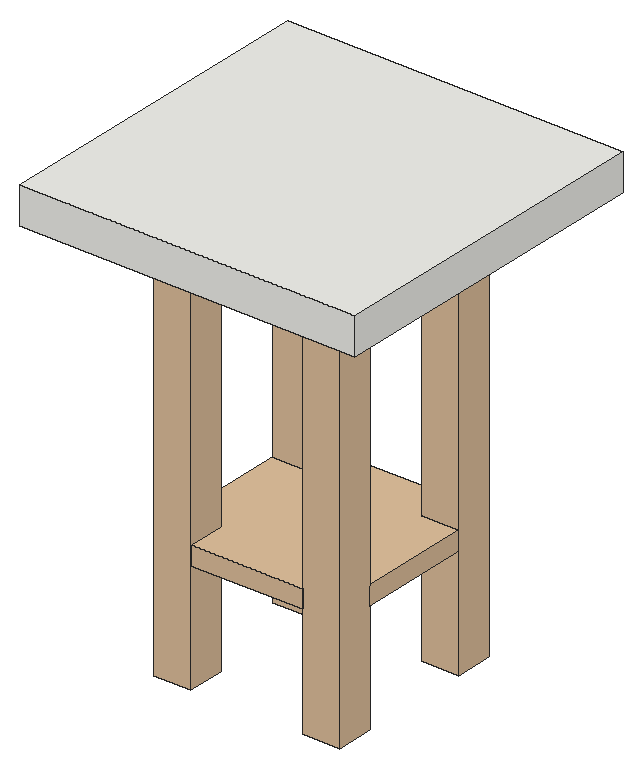
Revit family "30e5193c05ce4011be5e6f78c60a208a", category Furniture, Revit 2021
Family settings
  OmniClass Number = 23.40.20.14.17
  OmniClass Title = Residential Tables and Cabinets
  Seek Item ID = Table-Night Stand-0000-USA-ENU
  Work Plane-Based = No
  Always vertical = Yes
  Cut with Voids When Loaded = No
  Shared = Yes
  Room Calculation Point = No
Parameters (values of type "18" x 18" x 24"")
  Default Elevation = 0' - 0"
  Assembly Code = "E2020200"
  Base Material = Birch
  Depth = 1' - 6"
  Height = 2' - 0"
  Top Material = Laminate, Ivory, Matte
  Width = 1' - 6"
Types (3): name | Depth | Height | Width
  (no name) | 1' - 6" | 2' - 0" | 1' - 6"
  24" x 24" x 30" | 2' - 0" | 2' - 6" | 2' - 0"
  18" x 18" x 24" | 1' - 6" | 2' - 0" | 1' - 6"
Reference planes (in)
  plane 1: y = 0
  plane 2: z = 0
  plane 3: x = 0.14699
  plane 4: x = 18.14699
  plane 5: y = 18
  plane 6: y = 9
  plane 7: x = 9.14699
  plane 8: z = 24
  plane 9: z = 22
Forms (in)
  Extrusion 1, solid, material "Laminate, Ivory, Matte" <- "Top Material"
    sketch origin (0, 0, 0) x (1, 0, 0) y (0, 1, 0)
      loop
        line (0.14699, 0) -> (18.14699, 0) -> (18.14699, 18) -> (0.14699, 18) -> (0.14699, 0)
    from 22 to 24
  Extrusion 2, solid, material "Birch" <- "Base Material"
    sketch origin (0, 0, 0) x (1, 0, 0) y (0, 1, 0)
      loop
        line (4.14699, 14) -> (4.14699, 12) -> (6.14699, 12) -> (6.14699, 14) -> (4.14699, 14)
      loop
        line (4.14699, 6) -> (4.14699, 4) -> (6.14699, 4) -> (6.14699, 6) -> (4.14699, 6)
      loop
        line (12.14699, 14) -> (12.14699, 12) -> (14.14699, 12) -> (14.14699, 14) -> (12.14699, 14)
      loop
        line (12.14699, 6) -> (12.14699, 4) -> (14.14699, 4) -> (14.14699, 6) -> (12.14699, 6)
    from 0 to 22
  Extrusion 3, solid, material "Birch" <- "Base Material"
    sketch origin (0, 0, 0) x (1, 0, 0) y (0, 1, 0)
      loop
        line (12.14699, 14) -> (6.14699, 14) -> (6.14699, 12) -> (4.14699, 12) -> (4.14699, 6) -> (6.14699, 6) -> (6.14699, 4) -> (12.14699, 4) -> (12.14699, 6) -> (14.14699, 6) -> (14.14699, 12) -> (12.14699, 12) -> (12.14699, 14)
    from 6 to 7
Lines and regions (in)
  Masking region 1
    outline origin (0, 0, 0) x (1, 0, 0) y (0, 1, 0)
      loop
        line (0.14699, 18) -> (0.14699, 0) -> (18.14699, 0) -> (18.14699, 18) -> (0.14699, 18)
Dimensions and locks (in)
  locked: Extrusion 1 to Extrusion 1 at 2
  locked: Extrusion 1 to Extrusion 2 sketch curve at 4  (x4)
  locked: Extrusion 2 sketch curve to Extrusion 1 at 4  (x4)
  locked: Extrusion 2 sketch curve to Extrusion 2 sketch curve at 2  (x8)
  "Width": plane 3 to plane 4
  "Depth": plane 5 to plane 1
  equal spacing: plane 3, plane 7, plane 4
  equal spacing: plane 5, plane 6, plane 1
  "Height": plane 8 to plane 2
  locked: plane 8 to plane 9 at 2
  aligned and locked: plane 1 to Extrusion 1 sketch curve
  aligned and locked: level to plane 2
  aligned and locked: Extrusion 3 sketch curve to Extrusion 2  (x3)
  aligned and locked: Extrusion 2 to Extrusion 3 sketch curve  (x2)
  aligned and locked: plane 8 to Extrusion 1
  aligned and locked: plane 9 to Extrusion 2
  aligned and locked: plane 4 to Masking region 1 sketch curve
  aligned and locked: Masking region 1 sketch curve to plane 5
  aligned and locked: plane 3 to Masking region 1 sketch curve
  aligned and locked: Masking region 1 sketch curve to plane 1
Automatic sketch dimensions
  Extrusion 1 sketch curve to plane 3 = 0' - 0"
  plane 3 to Extrusion 3 sketch curve = 0' - 4"
  Extrusion 3 sketch curve to Extrusion 3 sketch curve = 0' - 2"  (x4)
  Extrusion 3 sketch curve to plane 1 = 0' - 4"
  plane 4 to Extrusion 3 sketch curve = 0' - 6"
  Extrusion 1 sketch curve to plane 4 = 0' - 0"
  Extrusion 1 sketch curve to plane 5 = 0' - 0"
